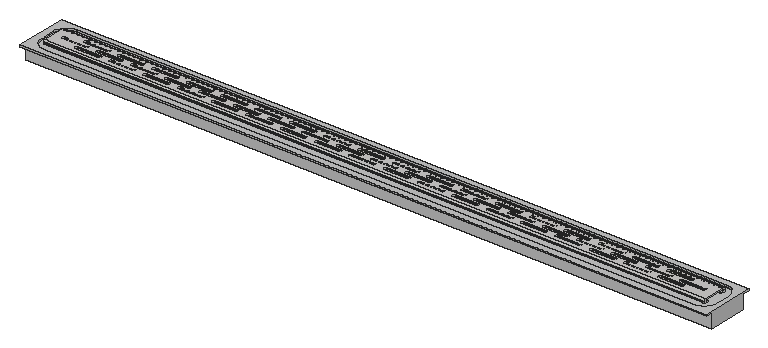
Revit family "Drain-Linear_Slotted_Noble_FreeStyle", category Plumbing Fixtures, host Face, Revit 2015
Parameters (values of type "60in PVC")
  Weight = "10 lbs"
  URL = "www.noblecompany.com"
  Type Comments = ""
  Product Properties = "http://www.noblecompany.com/Portals/0/PRODUCT%20INFO/Product%20Descriptions/FreeStyle%20Linear%20Drain%20Product%20Decription%200410.pdf"
  Product Data = "http://www.noblecompany.com/Products/ShowerProducts/tabid/59/Default.aspx"
  Plate = Stainless Steel - Brushed
  Model = "Freestyle 60 PVC - Slotted"
  Manufacturer Phone - Toll Free = "800-878-5788"
  Manufacturer Phone = "231-799-8000"
  Manufacturer Fax = "231-799-8850"
  Manufacturer Email = "mailto:sales@noblecompany.com"
  Manufacturer Address = "7300 Enterprise Drive, Spring Lake, MI  49456 USA"
  Manufacturer = "Noble Company"
  Installation-Fabrication = "http://www.noblecompany.com/Portals/0/PRODUCT%20INFO/Product%20Descriptions/FreeStyle%20Linear%20Drain%20Product%20Decription%200410.pdf"
  GPM = 0 GPM
  Description = "Freestyle 60 PVC - Slotted Linear Drain"
  Building Codes = "http://www.noblecompany.com/Portals/0/TECHNICAL%20INFO/Listing_Testing_Certification_Reports/PMG-1065%20Noble%20Company%20Linear%20Drain%20final%202.pdf"
  Base = PVC
  B = 57 3/4"
  Assembly Code = "D2030300"
  A = 60"
  Default Elevation = 0"
  D = 1 5/8"
  C = 33 3/4"
Types (14): name | Model | Description | Base | B | A | D | C
  24in ABS | "Freestyle 24 ABS - Slotted" | "Freestyle 24 ABS - Slotted Linear Drain" | ABS | 21 3/4" | 24" | 1 1/4" | 15 3/4"
  32in ABS | "Freestyle 32 ABS - Slotted" | "Freestyle 32 ABS - Slotted Linear Drain" | ABS | 29 3/4" | 32" | 1 3/8" | 19 1/2"
  36in ABS | "Freestyle 36 ABS - Slotted" | "Freestyle 36 ABS - Slotted Linear Drain" | ABS | 33 3/4" | 36" | 1 3/8" | 21 3/4"
  40in ABS | "Freestyle 40 ABS - Slotted" | "Freestyle 40 ABS - Slotted Linear Drain" | ABS | 37 3/4" | 40" | 1 7/16" | 23 3/4"
  48in ABS | "Freestyle 48 ABS - Slotted" | "Freestyle 48 ABS - Slotted Linear Drain" | ABS | 45 3/4" | 48" | 1 1/2" | 27 3/4"
  54in ABS | "Freestyle 54 ABS - Slotted" | "Freestyle 54 ABS - Slotted Linear Drain" | ABS | 51 3/4" | 54" | 1 9/16" | 30 3/4"
  60in ABS | "Freestyle 60 ABS - Slotted" | "Freestyle 60 ABS - Slotted Linear Drain" | ABS | 57 3/4" | 60" | 1 5/8" | 33 3/4"
  24in PVC | "Freestyle 24 PVC - Slotted" | "Freestyle 24 PVC - Slotted Linear Drain" | PVC | 21 3/4" | 24" | 1 1/4" | 15 3/4"
  32in PVC | "Freestyle 32 PVC - Slotted" | "Freestyle 32 PVC - Slotted Linear Drain" | PVC | 29 3/4" | 32" | 1 3/8" | 19 1/2"
  36in PVC | "Freestyle 36 PVC - Slotted" | "Freestyle 36 PVC - Slotted Linear Drain" | PVC | 33 3/4" | 36" | 1 3/8" | 21 3/4"
  40in PVC | "Freestyle 40 PVC - Slotted" | "Freestyle 40 PVC - Slotted Linear Drain" | PVC | 37 3/4" | 40" | 1 7/16" | 23 3/4"
  48in PVC | "Freestyle 48 PVC - Slotted" | "Freestyle 48 PVC - Slotted Linear Drain" | PVC | 45 3/4" | 48" | 1 1/2" | 27 3/4"
  54in PVC | "Freestyle 54 PVC - Slotted" | "Freestyle 54 PVC - Slotted Linear Drain" | PVC | 51 3/4" | 54" | 1 9/16" | 30 3/4"
  60in PVC | "Freestyle 60 PVC - Slotted" | "Freestyle 60 PVC - Slotted Linear Drain" | PVC | 57 3/4" | 60" | 1 5/8" | 33 3/4"
Reference planes (in)
  plane 1 "Center (Front/Back)": y = 0
  plane 2: z = 0
  plane 3 "Center (Left/Right)": x = 0
  plane 4: z = -1.625
  plane 5: z = -4.05899
  plane 6: z = -1.625
  plane 7: y = 1.6875
  plane 8: y = -1.6875
  plane 9: z = -0.375
  plane 10: y = 2.25
  plane 11: y = -2.25
  plane 12: z = -0.3125
  plane 13: x = 30
  plane 14: x = -30
  plane 15: x = 28.875
  plane 16: x = -3.75
  plane 17: x = -28.875
  plane 18: z = -0.125
Forms (in)
  Extrusion 1, void, detail levels medium+fine
    sketch origin (0, 0, 0) x (1, 0, 0) y (0, 1, 0)
      loop
        circle (-3.75, 0) r 1
    from -60 to 34.55449
  Extrusion 2, solid, material "PVC" <- "Base", detail levels medium+fine
    sketch origin (10.05986, 0, 0) x (0, 1, 0) y (0, 0, 1)
      loop
        line (2.25, -0.375) -> (2.25, -0.25) -> (-2.25, -0.25) -> (-2.25, -0.375) -> (-1.6875, -0.375) -> (-1.6875, -1.625) -> (1.6875, -1.625) -> (1.6875, -0.375) -> (2.25, -0.375)
    from -40.05986 to 19.94014
  Extrusion 3, void
    sketch origin (10.05986, 0, 0) x (1, 0, 0) y (0, 1, 0)
      loop
        arc (-38.37906, 1.769) -> (-39.18512, 1.43512) -> (-39.519, 0.62906) r 1.13994
        line (-39.519, 0.62906) -> (-39.519, -0.63005)
        arc (-39.519, -0.63005) -> (-39.18541, -1.43541) -> (-38.38005, -1.769) r 1.13895
        line (-38.38005, -1.769) -> (18.37931, -1.769)
        arc (18.37931, -1.769) -> (19.18519, -1.43519) -> (19.519, -0.62931) r 1.13969
        line (19.519, -0.62931) -> (19.519, 0.62118)
        arc (19.519, 0.62118) -> (19.18281, 1.43281) -> (18.37118, 1.769) r 1.14782
        line (18.37118, 1.769) -> (-38.37906, 1.769)
    from -0.375 to 0
  Extrusion 4, void
    sketch origin (0, 0, 0) x (1, 0, 0) y (0, 1, 0)
      loop
        line (29, 1.269) -> (-29, 1.269) -> (-29, -1.269) -> (29, -1.269) -> (29, 1.269)
    from -0.125 to 0
  Extrusion 5, void, detail levels fine
    sketch origin (0, 0, 0) x (0, 1, 0) y (0, 0, 1)
      loop
        line (2.25, -0.375) -> (2.25, -0.125) -> (-2.25, -0.125) -> (-2.25, -0.375) -> (-1.6875, -0.375) -> (-1.6875, -1.625) -> (1.6875, -1.625) -> (1.6875, -0.375) -> (2.25, -0.375)
    from -30 to 30
Cuts and joins
  Extrusion 1, Extrusion 3 cuts Extrusion 2
Lines and regions (in)
  model lines, detail levels coarse+medium
    curve 1: line (-3.75, 0, 0) -> (-3.75, 0, -1.625)
  model lines, style "PlumbingFixtures", detail levels coarse
    curve 2: line (-30, 2.25, 0) -> (-30, -2.25, 0)
    curve 3: line (-30, 2.25, 0) -> (30, 2.25, 0)
    curve 4: line (30, 2.25, 0) -> (30, -2.25, 0)
    curve 5: line (-30, -2.25, 0) -> (30, -2.25, 0)
    curve 6: line (30, 0, 0) -> (-30, 0, 0)
Dimensions and locks (in)
  "D": plane 2 to plane 4
  locked: plane 4 to plane 5 at 2.43399
  "D": plane 6 to level
  equal spacing: plane 7, plane 1 "Center (Front/Back)", plane 8, locked at 1.6875 each
  locked: plane 9 to level at 0.375
  plane 7 to plane 8 = 3 3/8"
  locked: plane 10 to plane 7 at 0.5625
  locked: plane 8 to plane 11 at 0.5625
  "A": plane 14 to plane 13
  locked: plane 15 to plane 13 at 1.125
  "C": plane 16 to plane 13
  locked: plane 14 to plane 17 at 1.125
  locked: Extrusion 3 sketch curve to plane 13 at 0.42114
  locked: plane 14 to Extrusion 3 sketch curve at 0.54086
  equal spacing: plane 14, plane 3 "Center (Left/Right)", plane 13
  locked: plane 9 to plane 12 at 0.0625
  locked: level to plane 18 at 0.125
  level to Extrusion 2 sketch curve = 1/4"
  locked: plane 15 to Extrusion 4 sketch curve at 0.125
  locked: Extrusion 4 sketch curve to plane 17 at 0.125
  radius of Extrusion 1 sketch curve = 1"
  aligned and locked: plane 2 to host face
  aligned and locked: level to host face
  aligned and locked: plane 1 "Center (Front/Back)" to Extrusion 1 sketch curve
  aligned and locked: plane 13 to Extrusion 2
  aligned and locked: plane 16 to Extrusion 1 sketch curve
  aligned and locked: plane 10 to Extrusion 5 sketch curve
  aligned and locked: plane 9 to Extrusion 5 sketch curve
  aligned and locked: plane 7 to Extrusion 5 sketch curve
  aligned and locked: plane 4 to Extrusion 5 sketch curve
  aligned and locked: plane 11 to Extrusion 5 sketch curve
  aligned and locked: Extrusion 5 sketch curve to plane 8
  aligned and locked: Extrusion 5 to plane 14
  aligned and locked: plane 13 to Extrusion 5
  aligned and locked: curve 6 to plane 1 "Center (Front/Back)"
  aligned and locked: plane 14 to curve 6
  aligned and locked: plane 13 to curve 6
  aligned and locked: curve 1 to plane 16
  aligned and locked: level to curve 1
  aligned and locked: plane 6 to curve 1
  aligned and locked: Extrusion 2 to plane 14
  aligned and locked: plane 3 "Center (Left/Right)" to nested 1
  aligned and locked: plane 1 "Center (Front/Back)" to nested 1
  aligned and locked: plane 12 to nested 1
  aligned and locked: plane 9 to Extrusion 3
  aligned and locked: Extrusion 4 to plane 18
  aligned and locked: level to Extrusion 4
Automatic sketch dimensions
  host sketch curve to host sketch curve = 48 1/4"
  host sketch curve to host sketch curve = 96"
  plane 9 to Extrusion 2 sketch curve = 0"  (x2)
  Extrusion 2 sketch curve to plane 11 = 0"
  Extrusion 2 sketch curve to plane 4 = 0"
  Extrusion 2 sketch curve to plane 8 = 0"
  Extrusion 2 sketch curve to plane 7 = 0"
  Extrusion 2 sketch curve to plane 10 = 0"
  Extrusion 3 sketch curve to plane 8 = 0.0815"
  plane 17 to Extrusion 3 sketch curve = 0.55481"
  Extrusion 3 sketch curve to plane 7 = 0.0815"
  plane 17 to Extrusion 3 sketch curve = 0.5558"
  Extrusion 3 sketch curve to plane 15 = 0.44396"
  Extrusion 3 sketch curve to plane 15 = 0.43583"
  curve 2 to plane 10 = 0"
  curve 5 to plane 11 = 0"
  plane 9 to Extrusion 5 sketch curve = 0"
  Extrusion 5 sketch curve to plane 18 = 0"
  plane 8 to Extrusion 4 sketch curve = 0.4185"
  plane 7 to Extrusion 4 sketch curve = 0.4185"
Nested families (in)
  nested 1: "Strainer" at (-12.24848, 0, -0.3125), type "24"", detail levels fine
    with Strainer Length 57 3/4"
Connectors (in)
  piping at (-3.75, 0, -1.625), diameter 2, driven by "GPM"
    settings: on cut or joined group of Extrusion 1, Extrusion 2, Extrusion 3, index 1, connector inside diameter 2", connector length 0", flow factor 0, pipe flow 0 GPM, pressure drop 0.00 psi, fitting loss kfactor 0, connector angle 0.00°, fixture units 0, engagement length 0", angle of deflection 0.00°, flow configuration 0, flow direction 2, fitting loss method 0, system type 16, joint type 0, gender type 0, connector reference index -1, connector utility 0, adjustable connector no, is connector primary yes, connector description ""
Definition of nested family "Strainer"
  Parameters
    Strainer Width = 2 1/4"
    Strainer Height = 5/16"
    Strainer Length = 21 3/4"
    Strainer Finish = none
  Reference planes (in)
    plane 1 "Center (Front/Back)": y = 0
    plane 2: z = 0
    plane 3 "Center (Left/Right)": x = 12.24848
    plane 4 "Left": x = 1.37348
    plane 5 "Right": x = 23.12348
    plane 6: y = 1.125
    plane 7: y = -1.125
    plane 8: x = 42.24848
    plane 9: x = -17.75152
    plane 10: z = 0.3125
  Forms (in)
    Extrusion 1, solid, material <- "Strainer Finish", detail levels medium+fine
      sketch origin (0, 0, 0) x (1, 0, 0) y (0, 1, 0)
        loop
          line (-16.62652, 1.1245) -> (-16.62652, -1.1245) -> (41.12348, -1.1245) -> (41.12348, 1.1245) -> (-16.62652, 1.1245)
        loop
          line (-14.25152, 0.36) -> (-12.25152, 0.36)
          arc (-12.25152, 0.36) -> (-12.11152, 0.5) -> (-12.25152, 0.64) r 0.14
          line (-12.25152, 0.64) -> (-14.25152, 0.64)
          arc (-14.25152, 0.64) -> (-14.39152, 0.5) -> (-14.25152, 0.36) r 0.14
        loop
          line (-13.75152, 0.14) -> (-15.75152, 0.14)
          arc (-15.75152, 0.14) -> (-15.89152, 0) -> (-15.75152, -0.14) r 0.14
          line (-15.75152, -0.14) -> (-13.75152, -0.14)
          arc (-13.75152, -0.14) -> (-13.61152, 0) -> (-13.75152, 0.14) r 0.14
        loop
          line (-14.25152, -0.64) -> (-12.25152, -0.64)
          arc (-12.25152, -0.64) -> (-12.11152, -0.5) -> (-12.25152, -0.36) r 0.14
          line (-12.25152, -0.36) -> (-14.25152, -0.36)
          arc (-14.25152, -0.36) -> (-14.39152, -0.5) -> (-14.25152, -0.64) r 0.14
        loop
          line (-12.75152, -0.14) -> (-10.75152, -0.14)
          arc (-10.75152, -0.14) -> (-10.61152, 0) -> (-10.75152, 0.14) r 0.14
          line (-10.75152, 0.14) -> (-12.75152, 0.14)
          arc (-12.75152, 0.14) -> (-12.89152, 0) -> (-12.75152, -0.14) r 0.14
        loop
          line (-11.25152, 0.36) -> (-9.25152, 0.36)
          arc (-9.25152, 0.36) -> (-9.11152, 0.5) -> (-9.25152, 0.64) r 0.14
          line (-9.25152, 0.64) -> (-11.25152, 0.64)
          arc (-11.25152, 0.64) -> (-11.39152, 0.5) -> (-11.25152, 0.36) r 0.14
        loop
          line (-11.25152, -0.64) -> (-9.25152, -0.64)
          arc (-9.25152, -0.64) -> (-9.11152, -0.5) -> (-9.25152, -0.36) r 0.14
          line (-9.25152, -0.36) -> (-11.25152, -0.36)
          arc (-11.25152, -0.36) -> (-11.39152, -0.5) -> (-11.25152, -0.64) r 0.14
        loop
          line (-9.75152, -0.14) -> (-7.75152, -0.14)
          arc (-7.75152, -0.14) -> (-7.61152, 0) -> (-7.75152, 0.14) r 0.14
          line (-7.75152, 0.14) -> (-9.75152, 0.14)
          arc (-9.75152, 0.14) -> (-9.89152, 0) -> (-9.75152, -0.14) r 0.14
        loop
          line (-8.25152, 0.36) -> (-6.25152, 0.36)
          arc (-6.25152, 0.36) -> (-6.11152, 0.5) -> (-6.25152, 0.64) r 0.14
          line (-6.25152, 0.64) -> (-8.25152, 0.64)
          arc (-8.25152, 0.64) -> (-8.39152, 0.5) -> (-8.25152, 0.36) r 0.14
        loop
          line (-8.25152, -0.64) -> (-6.25152, -0.64)
          arc (-6.25152, -0.64) -> (-6.11152, -0.5) -> (-6.25152, -0.36) r 0.14
          line (-6.25152, -0.36) -> (-8.25152, -0.36)
          arc (-8.25152, -0.36) -> (-8.39152, -0.5) -> (-8.25152, -0.64) r 0.14
        loop
          line (-6.75152, -0.14) -> (-4.75152, -0.14)
          arc (-4.75152, -0.14) -> (-4.61152, 0) -> (-4.75152, 0.14) r 0.14
          line (-4.75152, 0.14) -> (-6.75152, 0.14)
          arc (-6.75152, 0.14) -> (-6.89152, 0) -> (-6.75152, -0.14) r 0.14
        loop
          line (-5.25152, 0.36) -> (-3.25152, 0.36)
          arc (-3.25152, 0.36) -> (-3.11152, 0.5) -> (-3.25152, 0.64) r 0.14
          line (-3.25152, 0.64) -> (-5.25152, 0.64)
          arc (-5.25152, 0.64) -> (-5.39152, 0.5) -> (-5.25152, 0.36) r 0.14
        loop
          line (-5.25152, -0.64) -> (-3.25152, -0.64)
          arc (-3.25152, -0.64) -> (-3.11152, -0.5) -> (-3.25152, -0.36) r 0.14
          line (-3.25152, -0.36) -> (-5.25152, -0.36)
          arc (-5.25152, -0.36) -> (-5.39152, -0.5) -> (-5.25152, -0.64) r 0.14
        loop
          line (-3.75152, -0.14) -> (-1.75152, -0.14)
          arc (-1.75152, -0.14) -> (-1.61152, 0) -> (-1.75152, 0.14) r 0.14
          line (-1.75152, 0.14) -> (-3.75152, 0.14)
          arc (-3.75152, 0.14) -> (-3.89152, 0) -> (-3.75152, -0.14) r 0.14
        loop
          line (-2.25152, 0.36) -> (-0.25152, 0.36)
          arc (-0.25152, 0.36) -> (-0.11152, 0.5) -> (-0.25152, 0.64) r 0.14
          line (-0.25152, 0.64) -> (-2.25152, 0.64)
          arc (-2.25152, 0.64) -> (-2.39152, 0.5) -> (-2.25152, 0.36) r 0.14
        loop
          line (-2.25152, -0.64) -> (-0.25152, -0.64)
          arc (-0.25152, -0.64) -> (-0.11152, -0.5) -> (-0.25152, -0.36) r 0.14
          line (-0.25152, -0.36) -> (-2.25152, -0.36)
          arc (-2.25152, -0.36) -> (-2.39152, -0.5) -> (-2.25152, -0.64) r 0.14
        loop
          line (-0.75152, -0.14) -> (1.24848, -0.14)
          arc (1.24848, -0.14) -> (1.38848, 0) -> (1.24848, 0.14) r 0.14
          line (1.24848, 0.14) -> (-0.75152, 0.14)
          arc (-0.75152, 0.14) -> (-0.89152, 0) -> (-0.75152, -0.14) r 0.14
        loop
          line (0.74848, 0.36) -> (2.74848, 0.36)
          arc (2.74848, 0.36) -> (2.88848, 0.5) -> (2.74848, 0.64) r 0.14
          line (2.74848, 0.64) -> (0.74848, 0.64)
          arc (0.74848, 0.64) -> (0.60848, 0.5) -> (0.74848, 0.36) r 0.14
        loop
          line (0.74848, -0.64) -> (2.74848, -0.64)
          arc (2.74848, -0.64) -> (2.88848, -0.5) -> (2.74848, -0.36) r 0.14
          line (2.74848, -0.36) -> (0.74848, -0.36)
          arc (0.74848, -0.36) -> (0.60848, -0.5) -> (0.74848, -0.64) r 0.14
        loop
          line (2.24848, -0.14) -> (4.24848, -0.14)
          arc (4.24848, -0.14) -> (4.38848, 0) -> (4.24848, 0.14) r 0.14
          line (4.24848, 0.14) -> (2.24848, 0.14)
          arc (2.24848, 0.14) -> (2.10848, 0) -> (2.24848, -0.14) r 0.14
        loop
          line (3.74848, 0.36) -> (5.74848, 0.36)
          arc (5.74848, 0.36) -> (5.88848, 0.5) -> (5.74848, 0.64) r 0.14
          line (5.74848, 0.64) -> (3.74848, 0.64)
          arc (3.74848, 0.64) -> (3.60848, 0.5) -> (3.74848, 0.36) r 0.14
        loop
          line (3.74848, -0.64) -> (5.74848, -0.64)
          arc (5.74848, -0.64) -> (5.88848, -0.5) -> (5.74848, -0.36) r 0.14
          line (5.74848, -0.36) -> (3.74848, -0.36)
          arc (3.74848, -0.36) -> (3.60848, -0.5) -> (3.74848, -0.64) r 0.14
        loop
          line (5.24848, -0.14) -> (7.24848, -0.14)
          arc (7.24848, -0.14) -> (7.38848, 0) -> (7.24848, 0.14) r 0.14
          line (7.24848, 0.14) -> (5.24848, 0.14)
          arc (5.24848, 0.14) -> (5.10848, 0) -> (5.24848, -0.14) r 0.14
        loop
          line (6.74848, 0.36) -> (8.74848, 0.36)
          arc (8.74848, 0.36) -> (8.88848, 0.5) -> (8.74848, 0.64) r 0.14
          line (8.74848, 0.64) -> (6.74848, 0.64)
          arc (6.74848, 0.64) -> (6.60848, 0.5) -> (6.74848, 0.36) r 0.14
        loop
          line (6.74848, -0.64) -> (8.74848, -0.64)
          arc (8.74848, -0.64) -> (8.88848, -0.5) -> (8.74848, -0.36) r 0.14
          line (8.74848, -0.36) -> (6.74848, -0.36)
          arc (6.74848, -0.36) -> (6.60848, -0.5) -> (6.74848, -0.64) r 0.14
        loop
          line (8.24848, -0.14) -> (10.24848, -0.14)
          arc (10.24848, -0.14) -> (10.38848, 0) -> (10.24848, 0.14) r 0.14
          line (10.24848, 0.14) -> (8.24848, 0.14)
          arc (8.24848, 0.14) -> (8.10848, 0) -> (8.24848, -0.14) r 0.14
        loop
          line (9.74848, 0.36) -> (11.74848, 0.36)
          arc (11.74848, 0.36) -> (11.88848, 0.5) -> (11.74848, 0.64) r 0.14
          line (11.74848, 0.64) -> (9.74848, 0.64)
          arc (9.74848, 0.64) -> (9.60848, 0.5) -> (9.74848, 0.36) r 0.14
        loop
          line (9.74848, -0.64) -> (11.74848, -0.64)
          arc (11.74848, -0.64) -> (11.88848, -0.5) -> (11.74848, -0.36) r 0.14
          line (11.74848, -0.36) -> (9.74848, -0.36)
          arc (9.74848, -0.36) -> (9.60848, -0.5) -> (9.74848, -0.64) r 0.14
        loop
          line (11.24848, -0.14) -> (13.24848, -0.14)
          arc (13.24848, -0.14) -> (13.38848, 0) -> (13.24848, 0.14) r 0.14
          line (13.24848, 0.14) -> (11.24848, 0.14)
          arc (11.24848, 0.14) -> (11.10848, 0) -> (11.24848, -0.14) r 0.14
        loop
          line (12.74848, 0.36) -> (14.74848, 0.36)
          arc (14.74848, 0.36) -> (14.88848, 0.5) -> (14.74848, 0.64) r 0.14
          line (14.74848, 0.64) -> (12.74848, 0.64)
          arc (12.74848, 0.64) -> (12.60848, 0.5) -> (12.74848, 0.36) r 0.14
        loop
          line (12.74848, -0.64) -> (14.74848, -0.64)
          arc (14.74848, -0.64) -> (14.88848, -0.5) -> (14.74848, -0.36) r 0.14
          line (14.74848, -0.36) -> (12.74848, -0.36)
          arc (12.74848, -0.36) -> (12.60848, -0.5) -> (12.74848, -0.64) r 0.14
        loop
          line (14.24848, -0.14) -> (16.24848, -0.14)
          arc (16.24848, -0.14) -> (16.38848, 0) -> (16.24848, 0.14) r 0.14
          line (16.24848, 0.14) -> (14.24848, 0.14)
          arc (14.24848, 0.14) -> (14.10848, 0) -> (14.24848, -0.14) r 0.14
        loop
          line (15.74848, 0.36) -> (17.74848, 0.36)
          arc (17.74848, 0.36) -> (17.88848, 0.5) -> (17.74848, 0.64) r 0.14
          line (17.74848, 0.64) -> (15.74848, 0.64)
          arc (15.74848, 0.64) -> (15.60848, 0.5) -> (15.74848, 0.36) r 0.14
        loop
          line (15.74848, -0.64) -> (17.74848, -0.64)
          arc (17.74848, -0.64) -> (17.88848, -0.5) -> (17.74848, -0.36) r 0.14
          line (17.74848, -0.36) -> (15.74848, -0.36)
          arc (15.74848, -0.36) -> (15.60848, -0.5) -> (15.74848, -0.64) r 0.14
        loop
          line (17.24848, -0.14) -> (19.24848, -0.14)
          arc (19.24848, -0.14) -> (19.38848, 0) -> (19.24848, 0.14) r 0.14
          line (19.24848, 0.14) -> (17.24848, 0.14)
          arc (17.24848, 0.14) -> (17.10848, 0) -> (17.24848, -0.14) r 0.14
        loop
          line (18.74848, 0.36) -> (20.74848, 0.36)
          arc (20.74848, 0.36) -> (20.88848, 0.5) -> (20.74848, 0.64) r 0.14
          line (20.74848, 0.64) -> (18.74848, 0.64)
          arc (18.74848, 0.64) -> (18.60848, 0.5) -> (18.74848, 0.36) r 0.14
        loop
          line (18.74848, -0.64) -> (20.74848, -0.64)
          arc (20.74848, -0.64) -> (20.88848, -0.5) -> (20.74848, -0.36) r 0.14
          line (20.74848, -0.36) -> (18.74848, -0.36)
          arc (18.74848, -0.36) -> (18.60848, -0.5) -> (18.74848, -0.64) r 0.14
        loop
          line (20.24848, -0.14) -> (22.24848, -0.14)
          arc (22.24848, -0.14) -> (22.38848, 0) -> (22.24848, 0.14) r 0.14
          line (22.24848, 0.14) -> (20.24848, 0.14)
          arc (20.24848, 0.14) -> (20.10848, 0) -> (20.24848, -0.14) r 0.14
        loop
          line (21.74848, 0.36) -> (23.74848, 0.36)
          arc (23.74848, 0.36) -> (23.88848, 0.5) -> (23.74848, 0.64) r 0.14
          line (23.74848, 0.64) -> (21.74848, 0.64)
          arc (21.74848, 0.64) -> (21.60848, 0.5) -> (21.74848, 0.36) r 0.14
        loop
          line (21.74848, -0.64) -> (23.74848, -0.64)
          arc (23.74848, -0.64) -> (23.88848, -0.5) -> (23.74848, -0.36) r 0.14
          line (23.74848, -0.36) -> (21.74848, -0.36)
          arc (21.74848, -0.36) -> (21.60848, -0.5) -> (21.74848, -0.64) r 0.14
        loop
          line (23.24848, -0.14) -> (25.24848, -0.14)
          arc (25.24848, -0.14) -> (25.38848, 0) -> (25.24848, 0.14) r 0.14
          line (25.24848, 0.14) -> (23.24848, 0.14)
          arc (23.24848, 0.14) -> (23.10848, 0) -> (23.24848, -0.14) r 0.14
        loop
          line (24.74848, 0.36) -> (26.74848, 0.36)
          arc (26.74848, 0.36) -> (26.88848, 0.5) -> (26.74848, 0.64) r 0.14
          line (26.74848, 0.64) -> (24.74848, 0.64)
          arc (24.74848, 0.64) -> (24.60848, 0.5) -> (24.74848, 0.36) r 0.14
        loop
          line (24.74848, -0.64) -> (26.74848, -0.64)
          arc (26.74848, -0.64) -> (26.88848, -0.5) -> (26.74848, -0.36) r 0.14
          line (26.74848, -0.36) -> (24.74848, -0.36)
          arc (24.74848, -0.36) -> (24.60848, -0.5) -> (24.74848, -0.64) r 0.14
        loop
          line (26.24848, -0.14) -> (28.24848, -0.14)
          arc (28.24848, -0.14) -> (28.38848, 0) -> (28.24848, 0.14) r 0.14
          line (28.24848, 0.14) -> (26.24848, 0.14)
          arc (26.24848, 0.14) -> (26.10848, 0) -> (26.24848, -0.14) r 0.14
        loop
          line (27.74848, 0.36) -> (29.74848, 0.36)
          arc (29.74848, 0.36) -> (29.88848, 0.5) -> (29.74848, 0.64) r 0.14
          line (29.74848, 0.64) -> (27.74848, 0.64)
          arc (27.74848, 0.64) -> (27.60848, 0.5) -> (27.74848, 0.36) r 0.14
        loop
          line (27.74848, -0.64) -> (29.74848, -0.64)
          arc (29.74848, -0.64) -> (29.88848, -0.5) -> (29.74848, -0.36) r 0.14
          line (29.74848, -0.36) -> (27.74848, -0.36)
          arc (27.74848, -0.36) -> (27.60848, -0.5) -> (27.74848, -0.64) r 0.14
        loop
          line (29.24848, -0.14) -> (31.24848, -0.14)
          arc (31.24848, -0.14) -> (31.38848, 0) -> (31.24848, 0.14) r 0.14
          line (31.24848, 0.14) -> (29.24848, 0.14)
          arc (29.24848, 0.14) -> (29.10848, 0) -> (29.24848, -0.14) r 0.14
        loop
          line (30.74848, 0.36) -> (32.74848, 0.36)
          arc (32.74848, 0.36) -> (32.88848, 0.5) -> (32.74848, 0.64) r 0.14
          line (32.74848, 0.64) -> (30.74848, 0.64)
          arc (30.74848, 0.64) -> (30.60848, 0.5) -> (30.74848, 0.36) r 0.14
        loop
          line (30.74848, -0.64) -> (32.74848, -0.64)
          arc (32.74848, -0.64) -> (32.88848, -0.5) -> (32.74848, -0.36) r 0.14
          line (32.74848, -0.36) -> (30.74848, -0.36)
          arc (30.74848, -0.36) -> (30.60848, -0.5) -> (30.74848, -0.64) r 0.14
        loop
          line (32.24848, -0.14) -> (34.24848, -0.14)
          arc (34.24848, -0.14) -> (34.38848, 0) -> (34.24848, 0.14) r 0.14
          line (34.24848, 0.14) -> (32.24848, 0.14)
          arc (32.24848, 0.14) -> (32.10848, 0) -> (32.24848, -0.14) r 0.14
        loop
          line (33.74848, 0.36) -> (35.74848, 0.36)
          arc (35.74848, 0.36) -> (35.88848, 0.5) -> (35.74848, 0.64) r 0.14
          line (35.74848, 0.64) -> (33.74848, 0.64)
          arc (33.74848, 0.64) -> (33.60848, 0.5) -> (33.74848, 0.36) r 0.14
        loop
          line (33.74848, -0.64) -> (35.74848, -0.64)
          arc (35.74848, -0.64) -> (35.88848, -0.5) -> (35.74848, -0.36) r 0.14
          line (35.74848, -0.36) -> (33.74848, -0.36)
          arc (33.74848, -0.36) -> (33.60848, -0.5) -> (33.74848, -0.64) r 0.14
        loop
          line (35.24848, -0.14) -> (37.24848, -0.14)
          arc (37.24848, -0.14) -> (37.38848, 0) -> (37.24848, 0.14) r 0.14
          line (37.24848, 0.14) -> (35.24848, 0.14)
          arc (35.24848, 0.14) -> (35.10848, 0) -> (35.24848, -0.14) r 0.14
        loop
          line (36.74848, 0.36) -> (38.74848, 0.36)
          arc (38.74848, 0.36) -> (38.88848, 0.5) -> (38.74848, 0.64) r 0.14
          line (38.74848, 0.64) -> (36.74848, 0.64)
          arc (36.74848, 0.64) -> (36.60848, 0.5) -> (36.74848, 0.36) r 0.14
        loop
          line (36.74848, -0.64) -> (38.74848, -0.64)
          arc (38.74848, -0.64) -> (38.88848, -0.5) -> (38.74848, -0.36) r 0.14
          line (38.74848, -0.36) -> (36.74848, -0.36)
          arc (36.74848, -0.36) -> (36.60848, -0.5) -> (36.74848, -0.64) r 0.14
        loop
          line (38.24848, -0.14) -> (40.24848, -0.14)
          arc (40.24848, -0.14) -> (40.38848, 0) -> (40.24848, 0.14) r 0.14
          line (40.24848, 0.14) -> (38.24848, 0.14)
          arc (38.24848, 0.14) -> (38.10848, 0) -> (38.24848, -0.14) r 0.14
      from 0 to 0.3125
    Extrusion 2, void
      sketch origin (12.24848, 0, 0) x (0, 1, 0) y (0, 0, 1)
        loop
          line (1.1245, 0.3125) -> (0.9995, 0.3125)
          arc (0.9995, 0.3125) -> (1.08789, 0.27589) -> (1.1245, 0.1875) r 0.125
          line (1.1245, 0.1875) -> (1.1245, 0.3125)
        loop
          line (-1.1245, 0.3125) -> (-1.1245, 0.1875)
          arc (-1.1245, 0.1875) -> (-1.08789, 0.27589) -> (-0.9995, 0.3125) r 0.125
          line (-0.9995, 0.3125) -> (-1.1245, 0.3125)
        loop
          line (1.1245, 0) -> (1.1245, 0.125)
          arc (1.1245, 0.125) -> (1.08789, 0.03661) -> (0.9995, 0) r 0.125
          line (0.9995, 0) -> (1.1245, 0)
        loop
          line (-1.1245, 0) -> (-0.9995, 0)
          arc (-0.9995, 0) -> (-1.08789, 0.03661) -> (-1.1245, 0.125) r 0.125
          line (-1.1245, 0.125) -> (-1.1245, 0)
        loop
          line (-0.75, 0) -> (0.75, 0) -> (0.75, 0.0625) -> (0.9995, 0.0625)
          arc (0.9995, 0.0625) -> (1.06302, 0.15625) -> (0.9995, 0.25) r 0.10095
          line (0.9995, 0.25) -> (-0.9995, 0.25)
          arc (-0.9995, 0.25) -> (-1.06302, 0.15625) -> (-0.9995, 0.0625) r 0.10095
          line (-0.9995, 0.0625) -> (-0.75, 0.0625) -> (-0.75, 0)
      from -30 to 30
    Extrusion 3, void
      sketch origin (0, 0, 0) x (1, 0, 0) y (0, 1, 0)
        loop
          line (-17.75152, 1.25) -> (-17.75152, -1.25) -> (1.37348, -1.25) -> (1.37348, 1.25) -> (-17.75152, 1.25)
        loop
          line (23.12348, 1.25) -> (23.12348, -1.25) -> (42.24848, -1.25) -> (42.24848, 1.25) -> (23.12348, 1.25)
      from 0 to 0.3125
  Cuts and joins
    Extrusion 2, Extrusion 3 cuts Extrusion 1
  Dimensions and locks (in)
    locked: Extrusion 1 sketch curve to Extrusion 1 sketch curve at 57.75
    "Strainer Length": plane 4 "Left" to plane 5 "Right"
    equal spacing: plane 4 "Left", plane 3 "Center (Left/Right)", plane 5 "Right"
    equal spacing: plane 7, plane 1 "Center (Front/Back)", plane 6
    "Strainer Width": plane 6 to plane 7
    "Strainer Height": plane 10 to level
    Extrusion 2 to level = 5/16"
    plane 9 to plane 3 "Center (Left/Right)" to plane 8 = 30" locked, 30" locked
    Extrusion 3 sketch curve to plane 1 "Center (Front/Back)" to Extrusion 3 sketch curve = 1 1/4" locked, 1 1/4" locked  (x2)
    aligned and locked: plane 10 to Extrusion 1
    aligned and locked: Extrusion 2 to plane 9
    aligned and locked: plane 8 to Extrusion 2
    aligned and locked: plane 9 to Extrusion 3 sketch curve
    aligned and locked: Extrusion 3 sketch curve to plane 4 "Left"
    aligned and locked: Extrusion 3 sketch curve to plane 8
    aligned and locked: plane 5 "Right" to Extrusion 3 sketch curve
    aligned and locked: plane 10 to cut or joined group of Extrusion 1, Extrusion 2, Extrusion 3
  Automatic sketch dimensions
    plane 1 "Center (Front/Back)" to Extrusion 1 sketch curve = 0"  (x19)
    plane 1 "Center (Front/Back)" to Extrusion 1 sketch curve = 1.1245"
    Extrusion 1 sketch curve to plane 3 "Center (Left/Right)" = 28 7/8"
    Extrusion 1 sketch curve to Extrusion 1 sketch curve = 7/8"  (x2)
    plane 1 "Center (Front/Back)" to Extrusion 1 sketch curve = 1/2"
    Extrusion 1 sketch curve to Extrusion 1 sketch curve = 1 1/2"
    Extrusion 1 sketch curve to plane 1 "Center (Front/Back)" = 0.64"
    Extrusion 1 sketch curve to Extrusion 1 sketch curve = 0"  (x17)
    plane 1 "Center (Front/Back)" to Extrusion 1 sketch curve = 0.14"  (x4)
    Extrusion 1 sketch curve to Extrusion 1 sketch curve = 1/2"  (x52)
    Extrusion 1 sketch curve to plane 1 "Center (Front/Back)" = 0.14"  (x15)
    Extrusion 1 sketch curve to Extrusion 1 sketch curve = 1"  (x33)
    Extrusion 1 sketch curve to plane 1 "Center (Front/Back)" = 1/2"  (x8)
    plane 1 "Center (Front/Back)" to Extrusion 1 sketch curve = 0.36"  (x5)
    Extrusion 1 sketch curve to plane 3 "Center (Left/Right)" = 1"
    Extrusion 1 sketch curve to plane 3 "Center (Left/Right)" = 1/2"  (x2)
    plane 3 "Center (Left/Right)" to Extrusion 1 sketch curve = 1/2"  (x2)
    plane 1 "Center (Front/Back)" to Extrusion 1 sketch curve = 0.64"  (x12)
    Extrusion 1 sketch curve to plane 1 "Center (Front/Back)" = 0.36"  (x9)
    Extrusion 1 sketch curve to Extrusion 1 sketch curve = 0.14"  (x30)
    Extrusion 1 sketch curve to Extrusion 1 sketch curve = 0.28"  (x6)
    Extrusion 1 sketch curve to plane 1 "Center (Front/Back)" = 1.1245"
    Extrusion 2 sketch curve to plane 10 = 0"  (x2)
    Extrusion 2 sketch curve to level = 0"  (x3)
    plane 7 to Extrusion 2 sketch curve = 0.0005"  (x2)
    Extrusion 2 sketch curve to Extrusion 2 sketch curve = 1/8"  (x2)
    Extrusion 2 sketch curve to Extrusion 2 sketch curve = 0"  (x4)
    Extrusion 2 sketch curve to Extrusion 2 sketch curve = 0.03743"  (x3)
    level to Extrusion 2 sketch curve = 1/16"  (x2)
    Extrusion 2 sketch curve to Extrusion 2 sketch curve = 0.21207"
    Extrusion 2 sketch curve to plane 6 = 3/8"
    Extrusion 2 sketch curve to plane 6 = 0.16293"
    Extrusion 2 sketch curve to plane 6 = 0.0005"  (x2)
    Extrusion 2 sketch curve to Extrusion 2 sketch curve = 1/32"
